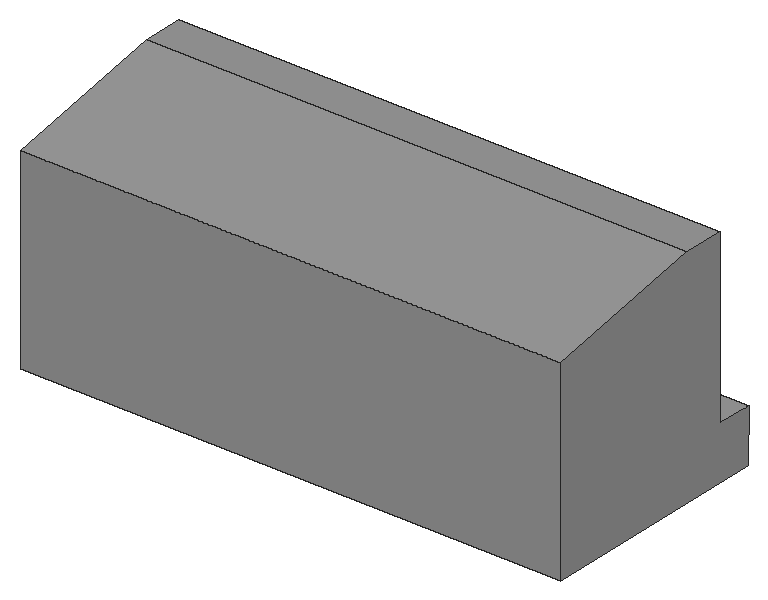
Revit family "Surgical_Scrub_Sink-Willoughby-EWSSS-2", category Plumbing Fixtures, Revit 2015
Parameters (values of type "Standard")
  Waste DIA = 1 1/2"
  Waste Connection = yes
  Vent Connection = no
  URL = "https://www.willoughby-ind.com/wp-content/uploads/2018/01/EWSSS.pdf"
  Revision = "A"
  Model = "EWSSS-2"
  Manufacturer = "Willoughby Industries"
  HW Connection = no
  Fixture Body = Stainless Steel AISI 304-Willoughby
  Description = "Economy Surgical Scrub Sink, Two Station"
  Default Elevation = 0' - 0"
  Contact = "800-428-4065"
  CW Connection = no
Reference planes (in)
  plane 1 "Center (Front/Back)": y = 0
  plane 2: z = 0
  plane 3 "Center (Left/Right)": x = 0
  plane 4 "Waste HGT": y = 25
  plane 5 "Bottom Of Sink": y = 16.75
  plane 6 "Top Of Unit": y = 56
Forms (in)
  Extrusion 1, solid, material "Stainless Steel AISI 304-Willoughby" <- "Fixture Body"
    sketch origin (0, 0, 0) x (0, 1, 0) y (0, 0, 1)
      loop
        line (16.75, 0) -> (42.75, 0) -> (42.75, 6) -> (26.75, 6) -> (26.75, 12.5) -> (38.75, 22.5) -> (38.75, 25) -> (34.25, 25) -> (16.75, 21.6875) -> (16.75, 0)
    from -28.5 to 28.5
  Extrusion 2, solid, material "Stainless Steel AISI 304-Willoughby" <- "Fixture Body"
    sketch origin (0, 0, 0) x (0, 1, 0) y (0, 0, 1)
      loop
        line (16.75, 21.6875) -> (16.75, 0) -> (42.75, 0) -> (42.75, 6) -> (38.75, 6) -> (38.75, 25) -> (34.25, 25) -> (16.75, 21.6875)
    from -28.5 to -30
  Extrusion 3, solid, material "Stainless Steel AISI 304-Willoughby" <- "Fixture Body"
    sketch origin (0, 0, 0) x (0, 1, 0) y (0, 0, 1)
      loop
        line (16.75, 21.6875) -> (16.75, 0) -> (42.75, 0) -> (42.75, 6) -> (38.75, 6) -> (38.75, 25) -> (34.25, 25) -> (16.75, 21.6875)
    from 28.5 to 30
  Revolve 4, solid, material "Stainless Steel AISI 304-Willoughby" <- "Fixture Body", detail levels fine
    sketch origin (-3.125, 25, 0) x (-1, 0, 0) y (0, 0, 1)
      loop
        line (0, 0) -> (0.75, 0) -> (0.75, 3.5) -> (0, 3.5) -> (0, 0)
      axis (0, 3.5) -> (0, 0)
    angle from 0 to 360
  Sweep 5, solid
    path origin (0, -9.24468, 21.25821) x (0, 0.906308, -0.422618) y (0, 0.422618, 0.906308)
      loop
        line (54.41518, 6.33615) -> (61.18417, 9.49258)
        arc (61.18417, 9.49258) -> (62.55966, 13.27172) -> (58.78053, 14.64721) r 2.84375
        line (58.78053, 14.64721) -> (57.67596, 14.13214)
    profile origin (0, 46.48437, 4.00386) x (0, 0, 1) y (1, 0, 0)
      loop
        circle (-0.00386, 15) r 0.375
  Extrusion 6, solid
    sketch origin (15, 0, 0) x (1, 0, 0) y (0, 1, 0)
      loop
        circle (-6, 25) r 0.25
      loop
        circle (-9, 25) r 0.25
      loop
        circle (-36, 25) r 0.25
      loop
        circle (-39, 25) r 0.25
    from 0 to 1
  Sweep 7, solid
    path origin (-30, -9.24468, 21.25821) x (0, 0.906308, -0.422618) y (0, 0.422618, 0.906308)
      loop
        line (54.41518, 6.33615) -> (61.18417, 9.49258)
        arc (61.18417, 9.49258) -> (62.55966, 13.27172) -> (58.78053, 14.64721) r 2.84375
        line (58.78053, 14.64721) -> (57.67596, 14.13214)
    profile origin (-30, 46.48437, 4.00386) x (0, 0, 1) y (1, 0, 0)
      loop
        circle (-0.00386, 15) r 0.375
  Extrusion 8, solid
    sketch origin (0, 0, 0) x (0, 1, 0) y (0, 0, 1)
      loop
        line (29.625, 6) -> (42.75, 6) -> (38.75, 22.5) -> (29.625, 14.89583) -> (29.625, 6)
    from -0.125 to 0.125
Cuts and joins
  joined: Extrusion 1, Extrusion 2, Extrusion 3
Lines and regions (in)
  symbolic lines
    curve 1: line (16, 16.75, 0) -> (-16, 16.75, 0)
    curve 2: line (0, 44.77947, 27) -> (0, 16.75, 27)
    curve 3: line (0, 16.75, 27) -> (0, 16.75, 0)
    curve 4: line (0, 16.75, 0) -> (0, 56, 0)
    curve 5: line (0, 56, 0) -> (0, 56, 2.9375)
    curve 6: line (0, 56, 2.9375) -> (0, 44.77947, 27)
    curve 7: line (-16, 25, 0) -> (16, 25, 0)
    curve 8: line (16, 25, 0) -> (16, 25, 27)
    curve 9: line (16, 25, 27) -> (-16, 25, 27)
    curve 10: line (-16, 25, 27) -> (-16, 25, 0)
    curve 11: line (16, 25, 2.9375) -> (-16, 25, 2.9375)
  symbolic lines, detail levels medium+fine
    curve 12: line (14, 25, 8.25) -> (14, 25, 25.25)
    curve 13: line (14, 25, 25.25) -> (-14, 25, 25.25)
    curve 14: line (-14, 25, 25.25) -> (-14, 25, 8.25)
    curve 15: line (-14, 25, 8.25) -> (14, 25, 8.25)
  symbolic lines, detail levels fine
    curve 16: line (14, 25, 14.6875) -> (-14, 25, 14.6875)
    curve 17: line (-14, 25, 9.77312) -> (14, 25, 9.77312)
Dimensions and locks (in)
  cut or joined group of Extrusion 1, Extrusion 2, Extrusion 3 to cut or joined group of Extrusion 1, Extrusion 2, Extrusion 3 = 5' - 0"
  aligned and locked: Extrusion 1 sketch curve to plane 5 "Bottom Of Sink"
  aligned and locked: Revolve 4 sketch curve to Revolve 4 sketch curve  (x2)
  aligned and locked: Extrusion 3 to Extrusion 1
Connectors (in)
  piping at (-3.125, 25, 0), diameter 1.5, driven by "Waste DIA", driven by "Waste Connection"
    settings: on Revolve 4, index 1, connector inside diameter 24", connector length 0' - 0", flow factor 0, pipe flow 0 GPM, pressure drop 0.00 psi, fitting loss kfactor 0, connector angle 0.00°, fixture units 0, engagement length 0' - 0", angle of deflection 0.00°, flow configuration 0, flow direction 2, fitting loss method 0, system type 16, joint type 0, gender type 0, connector reference index -1, connector utility 1, adjustable connector no, is connector primary yes, connector description "Sink Waste"
  piping at (9, 25, 1), diameter 0.5
    settings: on Extrusion 6, index 2, connector inside diameter 24", connector length 0' - 0", flow factor 0, pipe flow 0 GPM, pressure drop 0.00 psi, fitting loss kfactor 0, connector angle 0.00°, fixture units 0, engagement length 0' - 0", angle of deflection 0.00°, flow configuration 0, flow direction 0, fitting loss method 0, system type 20, joint type 0, gender type 0, connector reference index -1, connector utility 0, adjustable connector no, is connector primary no, connector description ""
  piping at (6, 25, 1), diameter 0.5
    settings: on Extrusion 6, index 3, connector inside diameter 24", connector length 0' - 0", flow factor 0, pipe flow 0 GPM, pressure drop 0.00 psi, fitting loss kfactor 0, connector angle 0.00°, fixture units 0, engagement length 0' - 0", angle of deflection 0.00°, flow configuration 0, flow direction 0, fitting loss method 0, system type 19, joint type 0, gender type 0, connector reference index -1, connector utility 0, adjustable connector no, is connector primary no, connector description ""
  piping at (-21, 25, 1), diameter 0.5
    settings: on Extrusion 6, index 4, connector inside diameter 24", connector length 0' - 0", flow factor 0, pipe flow 0 GPM, pressure drop 0.00 psi, fitting loss kfactor 0, connector angle 0.00°, fixture units 0, engagement length 0' - 0", angle of deflection 0.00°, flow configuration 0, flow direction 0, fitting loss method 0, system type 20, joint type 0, gender type 0, connector reference index -1, connector utility 0, adjustable connector no, is connector primary no, connector description ""
  piping at (-24, 25, 1), diameter 0.5
    settings: on Extrusion 6, index 5, connector inside diameter 24", connector length 0' - 0", flow factor 0, pipe flow 0 GPM, pressure drop 0.00 psi, fitting loss kfactor 0, connector angle 0.00°, fixture units 0, engagement length 0' - 0", angle of deflection 0.00°, flow configuration 0, flow direction 0, fitting loss method 0, system type 19, joint type 0, gender type 0, connector reference index -1, connector utility 0, adjustable connector no, is connector primary no, connector description ""
